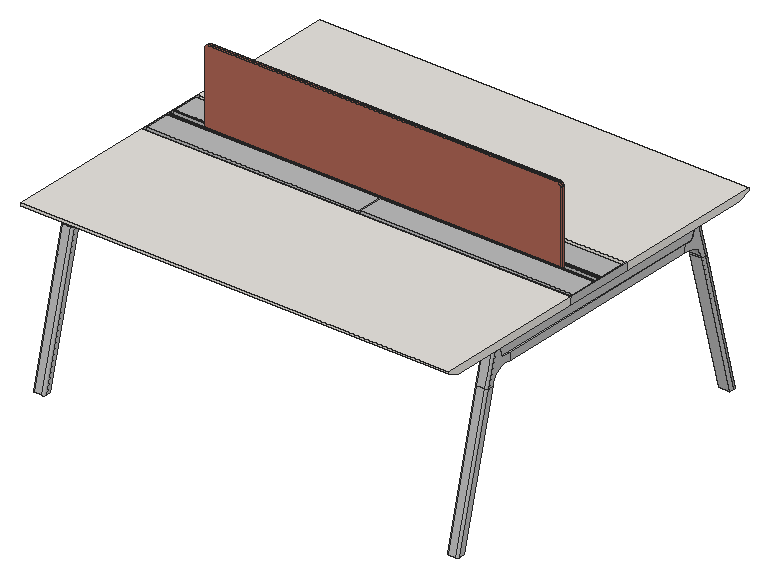
Revit family "Haworth_Intuity_Benching_DoubleSided", category Furniture Systems, Revit 2018 (continued)
Definition of nested family "Haworth_Intuity_Column_Leg"
  Dimensions and locks (in)
    aligned and locked: plane 3 "Support Left Edge" to Extrusion 3
    aligned and locked: plane 4 "Support Right Edge" to Extrusion 3
  Automatic sketch dimensions
    Extrusion 1 sketch curve to plane 8 "Beam Top" = 2 3/8"
    Extrusion 1 sketch curve to level = 0"
    curve 3 to plane 3 "Support Left Edge" = 0"
    curve 3 to plane 4 "Support Right Edge" = 0"
    Extrusion 3 sketch curve to plane 5 "Support Top" = 0"
    Extrusion 3 sketch curve to plane 19 "Front Support" = 0"
    Extrusion 3 sketch curve to plane 8 "Beam Top" = 0"
    Extrusion 3 sketch curve to plane 12 "Plate Front" = 0"
    Extrusion 3 sketch curve to plane 13 "Plate End" = 0"
    Extrusion 3 sketch curve to plane 18 "Back Support" = 0"
Definition of nested family "Haworth_Intuity_Screens"
  Parameters (values of type "Screen")
    URL = "www.haworth.com"
    Size = "Verify Final Dim. w/ Haworth"  # constant formula
    Screen Finish = none
    Screen Depth = 7/32"  # constant formula
    Revision Number = "1"  # constant formula
    Model = "Haworth_Intuity_Screens"  # constant formula
    Manufacturer = "Haworth"  # constant formula
    Inside Offset = 1/8"  # constant formula
    Description = "Haworth_Intuity_Screens"
    Author = "Haworth (Hampton)"  # constant formula
    Assembly Code = "E2020200"
    Actual Width = 59 3/4"
    Actual Height = if([13 H], 13 13/32", 21 13/32")  # 21 13/32"
    Actual Depth = 9/16"  # constant formula
    21 H = yes
    13 H = not([21 H])  # no
  Reference planes (in)
    plane 1: z = 0
    plane 2 "Center L/R": x = 8.5
    plane 3 "Left Edge": x = -21.375
    plane 4 "Right Edge": x = 38.375
    plane 5 "Support Top": z = 21.40625
    plane 6 "Center F/B": y = -7.86431
    plane 7 "Back": y = -7.58306
    plane 8 "Front": y = -8.14556
    plane 9 "Screen Inside Back": y = -7.80181
    plane 10 "Screen Inside Front": y = -7.92681
    plane 11 "Inside Left": x = -21.25
    plane 12 "Inside Right": x = 38.25
    plane 13 "Inside Top": z = 21.28125
    plane 14 "Inside Bottom": z = 0.125
  Forms (in)
    Extrusion 1, solid, material <- "Screen Finish"
      sketch origin (0, -7.86431, 0) x (0, 0, -1) y (-1, 0, 0)
        loop
          line (-21.40625, 20.75) -> (-21.40625, -37.75)
          arc (-21.40625, -37.75) -> (-21.22319, -38.19194) -> (-20.78125, -38.375) r 0.625
          line (-20.78125, -38.375) -> (0, -38.375) -> (0, 21.375) -> (-20.78125, 21.375)
          arc (-20.78125, 21.375) -> (-21.22319, 21.19194) -> (-21.40625, 20.75) r 0.625
      from -0.28125 to -0.0625
    Extrusion 2, solid, material <- "Screen Finish"
      sketch origin (0, -7.58306, 0) x (-1, 0, 0) y (0, 0, 1)
        loop
          line (20.75, 21.40625) -> (-37.75, 21.40625)
          arc (-37.75, 21.40625) -> (-38.19194, 21.22319) -> (-38.375, 20.78125) r 0.625
          line (-38.375, 20.78125) -> (-38.375, 0) -> (21.375, 0) -> (21.375, 20.78125)
          arc (21.375, 20.78125) -> (21.19194, 21.22319) -> (20.75, 21.40625) r 0.625
      from -0.21875 to 0
    Extrusion 3, solid, material <- "Screen Finish"
      sketch origin (0, -7.86431, 0) x (0, 0, -1) y (-1, 0, 0)
        loop
          line (-21.28125, 20.625) -> (-21.28125, -37.625)
          arc (-21.28125, -37.625) -> (-21.09819, -38.06694) -> (-20.65625, -38.25) r 0.625
          line (-20.65625, -38.25) -> (-0.125, -38.25) -> (-0.125, 21.25) -> (-20.65625, 21.25)
          arc (-20.65625, 21.25) -> (-21.09819, 21.06694) -> (-21.28125, 20.625) r 0.625
      from -0.0625 to 0.0625
  Lines and regions (in)
    symbolic lines
      curve 1: line (-21.375, -7.86431, 0) -> (38.375, -7.86431, 0)
  Dimensions and locks (in)
    "Actual Width": plane 3 "Left Edge" to plane 4 "Right Edge"
    equal spacing: plane 3 "Left Edge", plane 2 "Center L/R", plane 4 "Right Edge"
    "Actual Height": plane 5 "Support Top" to level
    equal spacing: plane 8 "Front", plane 6 "Center F/B", plane 7 "Back"
    "Actual Depth": plane 8 "Front" to plane 7 "Back"
    "Screen Depth": plane 7 "Back" to plane 9 "Screen Inside Back"
    "Screen Depth": plane 8 "Front" to plane 10 "Screen Inside Front"
    "Inside Offset": plane 5 "Support Top" to plane 13 "Inside Top"
    "Inside Offset": plane 14 "Inside Bottom" to plane 1
    "Inside Offset": plane 3 "Left Edge" to plane 11 "Inside Left"
    "Inside Offset": plane 4 "Right Edge" to plane 12 "Inside Right"
    aligned and locked: curve 1 to plane 6 "Center F/B"
    aligned and locked: plane 4 "Right Edge" to curve 1
    aligned and locked: plane 3 "Left Edge" to curve 1
    aligned and locked: Extrusion 1 sketch curve to plane 4 "Right Edge"
    aligned and locked: plane 1 to Extrusion 1 sketch curve
    aligned and locked: Extrusion 1 sketch curve to plane 3 "Left Edge"
    aligned and locked: Extrusion 1 sketch curve to plane 5 "Support Top"
    aligned and locked: plane 8 "Front" to Extrusion 1
    aligned and locked: Extrusion 1 to plane 10 "Screen Inside Front"
    aligned and locked: Extrusion 2 sketch curve to plane 5 "Support Top"
    aligned and locked: Extrusion 2 sketch curve to plane 4 "Right Edge"
    aligned and locked: plane 1 to Extrusion 2 sketch curve
    aligned and locked: Extrusion 2 sketch curve to plane 3 "Left Edge"
    aligned and locked: Extrusion 2 to plane 9 "Screen Inside Back"
    aligned and locked: plane 7 "Back" to Extrusion 2
    aligned and locked: Extrusion 3 sketch curve to plane 14 "Inside Bottom"
    aligned and locked: plane 11 "Inside Left" to Extrusion 3 sketch curve
    aligned and locked: Extrusion 3 sketch curve to plane 12 "Inside Right"
    aligned and locked: Extrusion 3 sketch curve to plane 13 "Inside Top"
    aligned and locked: plane 10 "Screen Inside Front" to Extrusion 3
    aligned and locked: Extrusion 3 to plane 9 "Screen Inside Back"
  Automatic sketch dimensions
    Extrusion 1 sketch curve to plane 13 "Inside Top" = 1/2"  (x2)
    plane 12 "Inside Right" to Extrusion 2 sketch curve = 1/2"
    plane 11 "Inside Left" to Extrusion 2 sketch curve = 1/2"
    Extrusion 3 sketch curve to plane 13 "Inside Top" = 5/8"  (x2)
Types (10): name | Worksurface Depth | Width | Screen Width | Screen Finish | Rail Finish | Leg Finish | Actual Worksurface Depth | Actual Width | Actual Screen Width | Actual Depth | Access Hatch Finish | Accent Plate Finish | Accent Plate Depth | 60 Depth | 48 Depth
  24d 48w | 24" | 48" | 48" | Haworth _ Fabric _ Tellure _ Geranium 3A-42 | Haworth _ Paint _ Metallic Silver | Haworth _ Paint _ Metallic Silver | 19 1/2" | 48" | 47 3/4" | 50 13/16" | Haworth _ Paint _ Metallic Silver | Haworth _ Paint _ Metallic Silver | 24 13/16" | no | yes
  24d 54w | 24" | 54" | 54" | Haworth _ Fabric _ Tellure _ Geranium 3A-42 | Haworth _ Paint _ Metallic Silver | Haworth _ Paint _ Metallic Silver | 19 1/2" | 54" | 53 3/4" | 50 13/16" | Haworth _ Paint _ Metallic Silver | Haworth _ Paint _ Metallic Silver | 24 13/16" | no | yes
  24d 60w | 24" | 60" | 60" | Haworth _ Fabric _ Tellure _ Geranium 3A-42 | Haworth _ Paint _ Metallic Silver | Haworth _ Paint _ Metallic Silver | 19 1/2" | 60" | 59 3/4" | 50 13/16" | Haworth _ Paint _ Metallic Silver | Haworth _ Paint _ Metallic Silver | 24 13/16" | no | yes
  24d 66w | 24" | 66" | 60" | Haworth _ Fabric _ Tellure _ Geranium 3A-42 | Haworth _ Paint _ Metallic Silver | Haworth _ Paint _ Metallic Silver | 19 1/2" | 66" | 59 3/4" | 50 13/16" | Haworth _ Paint _ Metallic Silver | Haworth _ Paint _ Metallic Silver | 24 13/16" | no | yes
  24d 72w | 24" | 72" | 60" | Haworth _ Fabric _ Tellure _ Geranium 3A-42 | Haworth _ Paint _ Metallic Silver | Haworth _ Paint _ Metallic Silver | 19 1/2" | 72" | 59 3/4" | 50 13/16" | Haworth _ Paint _ Metallic Silver | Haworth _ Paint _ Metallic Silver | 24 13/16" | no | yes
  30d 48w | 30" | 48" | 48" | Haworth _ Fabric _ Tellure _ Ocean 3A-34 | Haworth _ Paint _ Polar | Haworth _ Paint _ Polar | 25 1/2" | 48" | 47 3/4" | 62 13/16" | Haworth _ Paint _ Polar | Haworth _ Paint _ Polar | 36 13/16" | yes | no
  30d 54w | 30" | 54" | 54" | Haworth _ Fabric _ Tellure _ Geranium 3A-42 | Haworth _ Paint _ Metallic Silver | Haworth _ Paint _ Metallic Silver | 25 1/2" | 54" | 53 3/4" | 62 13/16" | Haworth _ Paint _ Metallic Silver | Haworth _ Paint _ Metallic Silver | 36 13/16" | yes | no
  30d 60w | 30" | 60" | 60" | Haworth _ Fabric _ Tellure _ Geranium 3A-42 | Haworth _ Paint _ Metallic Silver | Haworth _ Paint _ Metallic Silver | 25 1/2" | 60" | 59 3/4" | 62 13/16" | Haworth _ Paint _ Metallic Silver | Haworth _ Paint _ Metallic Silver | 36 13/16" | yes | no
  30d 66w | 30" | 66" | 60" | Haworth _ Fabric _ Tellure _ Geranium 3A-42 | Haworth _ Paint _ Metallic Silver | Haworth _ Paint _ Metallic Silver | 25 1/2" | 66" | 59 3/4" | 62 13/16" | Haworth _ Paint _ Metallic Silver | Haworth _ Paint _ Metallic Silver | 36 13/16" | yes | no
  30d 72w | 30" | 72" | 60" | Haworth _ Fabric _ Tellure _ Geranium 3A-42 | Haworth _ Paint _ Metallic Silver | Haworth _ Paint _ Metallic Silver | 25 1/2" | 72" | 59 3/4" | 62 13/16" | Haworth _ Paint _ Metallic Silver | Haworth _ Paint _ Metallic Silver | 36 13/16" | yes | no
